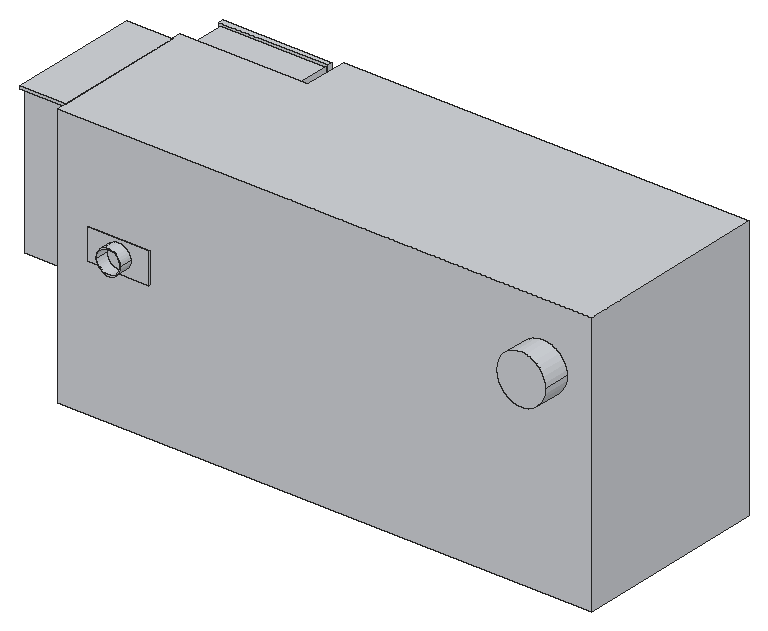
Revit family "MI-G-AD", category Mechanical Equipment, Revit 2018
Family settings
  Round Connector Dimension = Use Diameter
  Part Type = Normal
  OmniClass Number = 23.75.00.00
  OmniClass Title = Climate Control (HVAC)
  Work Plane-Based = No
  Always vertical = Yes
  Cut with Voids When Loaded = No
  Shared = No
  Room Calculation Point = No
Parameters (values of type "MI-G-AD-75")
  URL = "WWW.MIFAB.COM"
  Model = "MI-G-AD-75"
  Manufacturer = "MIFAB"
  Inlet Dia = 0' - 4"
  Grease Container Width = 0' - 10 1/2"
  Grease Container Height = 1' - 0"
  E Height = 1' - 9 1/2"
  Description = "AUTOMATIC RECOVERY GREASE INTERCEPTOR"
  C2 = 0' - 9"
  C1 = 0' - 5"
  Box1 Width = 0' - 8 1/2"
  Box1 Height = 1' - 4"
  B Width = 1' - 4"
  A Length = 3' - 7 1/2"
Types (8): name | Model | Inlet Dia | Grease Container Width | Grease Container Height | E Height | C2 | C1 | Box1 Width | Box1 Height | B Width | A Length
  (no name) | "MI-G-AD-75" | 0' - 4" | 0' - 10 1/2" | 1' - 0" | 1' - 9 1/2" | 0' - 9" | 0' - 5" | 0' - 8 1/2" | 1' - 4" | 1' - 4" | 3' - 7 1/2"
  MI-G-AD-15 | "MI-G-AD-15" | 0' - 2" | 0' - 8" | 0' - 8" | 1' - 1 1/2" | 0' - 9" | 0' - 4" | 0' - 4 1/4" | 0' - 10" | 1' - 2" | 2' - 0 1/2"
  MI-G-AD-20 | "MI-G-AD-20" | 0' - 2" | 0' - 8" | 0' - 8" | 1' - 1 1/2" | 0' - 7 1/2" | 0' - 4" | 0' - 4 1/4" | 0' - 10" | 1' - 2" | 2' - 0 1/2"
  MI-G-AD-25 | "MI-G-AD-25" | 0' - 3" | 0' - 8" | 0' - 8" | 1' - 5 241/256" | 0' - 6 177/256" | 1' - 3 3/4" | 0' - 4 1/4" | 0' - 10" | 2' - 9 225/256" | 2' - 2"
  MI-G-AD-35 | "MI-G-AD-35" | 0' - 3" | 0' - 10" | 0' - 10" | 1' - 4 1/2" | 0' - 6 1/4" | 0' - 8" | 0' - 6" | 1' - 0" | 1' - 4" | 2' - 10 1/2"
  MI-G-AD-50 | "MI-G-AD-50" | 0' - 3" | 0' - 10" | 0' - 10" | 1' - 5 1/2" | 0' - 8 1/2" | 0' - 5" | 0' - 7" | 1' - 0" | 1' - 4" | 3' - 3 1/2"
  MI-G-AD-75 | "MI-G-AD-75" | 0' - 4" | 0' - 10 1/2" | 1' - 0" | 1' - 9 1/2" | 0' - 9" | 0' - 5" | 0' - 8 1/2" | 1' - 4" | 1' - 4" | 3' - 7 1/2"
  MI-G-AD-100 | "MI-G-AD-100" | 0' - 4" | 1' - 3" | 1' - 3" | 2' - 0 1/2" | 0' - 9" | 0' - 4 1/2" | 1' - 0" | 1' - 8" | 1' - 9" | 5' - 0"
Reference planes (in)
  plane 1 "Center (Front/Back)": y = 0
  plane 2: z = 0
  plane 3 "Center (Left/Right)": x = 0
  plane 4: x = -21.75
  plane 5: x = 21.75
  plane 6: y = 8
  plane 7: y = -8
  plane 8: z = 21.5
  plane 9: x = -10.875
  plane 10: y = 4
  plane 11: z = 0.39453
  plane 12: z = 21.10547
  plane 13: z = 16.5
  plane 14: x = 17.75
  plane 15: z = 12.5
  plane 16: x = -16.75
  plane 17: y = -10.12408
  plane 18: y = 4.39453
  plane 19: y = -1.80273
  plane 20: x = -20.75
Forms (in)
  Extrusion 1, solid
    sketch origin (0, 0, 0) x (1, 0, 0) y (0, 1, 0)
      loop
        line (21.75, 8) -> (-11.26953, 8) -> (-11.26953, 4.39453) -> (-21.75, 4.39453) -> (-21.75, -8) -> (21.75, -8) -> (21.75, 8)
      loop
        line (21.35547, 7.60547) -> (-10.875, 7.60547) -> (-10.875, 4) -> (-21.35547, 4) -> (-21.35547, -7.60547) -> (21.35547, -7.60547) -> (21.35547, 7.60547)
    from 0 to 21.5
  Extrusion 2, solid
    sketch origin (0, 0, 0) x (1, 0, 0) y (0, 1, 0)
      loop
        line (-21.35547, 4) -> (-21.35547, -7.60547) -> (21.35547, -7.60547) -> (21.35547, 7.60547) -> (-10.875, 7.60547) -> (-10.875, 4) -> (-21.35547, 4)
    from 0 to 0.39453
  Extrusion 3, solid
    sketch origin (0, 0, 0) x (1, 0, 0) y (0, 1, 0)
      loop
        line (-10.875, 7.60547) -> (-10.875, 4) -> (-21.35547, 4) -> (-21.35547, -7.60547) -> (21.35547, -7.60547) -> (21.35547, 7.60547) -> (-10.875, 7.60547)
    from 21.10547 to 21.5
  Extrusion 4, solid
    sketch origin (0, 0, 0) x (1, 0, 0) y (0, 1, 0)
      loop
        line (2.93251, 7.60547) -> (2.93251, -7.60547) -> (3.32704, -7.60547) -> (3.32704, 7.60547) -> (2.93251, 7.60547)
    from 0.39453 to 21.10547
  Extrusion 5, solid
    sketch origin (0, 0, 0) x (1, 0, 0) y (0, 0, 1)
      loop
        circle (17.75, 16.5) r 2
    from 7.60547 to 10.12408
  Extrusion 6, solid
    sketch origin (0, 0, 0) x (1, 0, 0) y (0, 0, 1)
      loop
        circle (17.75, 16.5) r 1.99532
    from -7.60547 to 7.60547
Cuts and joins
  joined: Extrusion 1, Extrusion 2, Extrusion 3, Extrusion 5
Dimensions and locks (in)
  equal spacing: plane 4, plane 3 "Center (Left/Right)", plane 5
  "A Length": plane 4 to plane 5
  equal spacing: plane 7, plane 1 "Center (Front/Back)", plane 6
  "B Width": plane 7 to plane 6
  "E Height": plane 8 to level
  equal spacing: plane 4, plane 9, plane 3 "Center (Left/Right)"
  locked: Extrusion 1 sketch curve to plane 5 at 0.39453
  locked: Extrusion 1 sketch curve to plane 9 at 0.39453
  locked: plane 10 to plane 6 at 4
  locked: plane 10 to Extrusion 1 sketch curve at 0.39453
  locked: plane 7 to Extrusion 1 sketch curve at 0.39453
  locked: plane 11 to plane 2 at 0.39453
  locked: plane 8 to plane 12 at 0.39453
  plane 3 "Center (Left/Right)" to Extrusion 4 sketch curve to Extrusion 4 sketch curve = 0' - 2.93251" locked, 0' - 0 101/256" locked
  "C1": plane 8 to plane 13
  locked: plane 5 to plane 14 at 4
  locked: plane 16 to plane 4 at 5
  "C2": plane 8 to plane 15
  locked: plane 7 to plane 17 at 2.12408
  locked: cut or joined group of Extrusion 1, Extrusion 2, Extrusion 3, Extrusion 5 to plane 6 at 0.39453
  equal spacing: plane 7, plane 19, plane 18
  locked: plane 4 to plane 20 at 1
  "Inlet Dia": diameter of Extrusion 5 sketch curve
  aligned and locked: level to plane 2
  aligned and locked: plane 5 to Extrusion 1 sketch curve
  aligned and locked: plane 7 to Extrusion 1 sketch curve
  aligned and locked: Extrusion 1 sketch curve to plane 4
  aligned and locked: Extrusion 1 sketch curve to plane 6
  aligned and locked: Extrusion 1 sketch curve to plane 9
  aligned and locked: plane 10 to Extrusion 1 sketch curve
  aligned and locked: Extrusion 1 to plane 2
  aligned and locked: plane 8 to Extrusion 1
  aligned and locked: Extrusion 2 sketch curve to Extrusion 1  (x5)
  aligned and locked: Extrusion 2 to plane 2
  aligned and locked: plane 11 to Extrusion 2
  aligned and locked: Extrusion 3 sketch curve to cut or joined group of Extrusion 1, Extrusion 2, Extrusion 3, Extrusion 5  (x6)
  aligned and locked: plane 8 to Extrusion 3
  aligned and locked: Extrusion 3 to plane 12
  aligned and locked: cut or joined group of Extrusion 1, Extrusion 2, Extrusion 3, Extrusion 5 to Extrusion 4 sketch curve  (x2)
  aligned and locked: Extrusion 4 to cut or joined group of Extrusion 1, Extrusion 2, Extrusion 3, Extrusion 5
  aligned and locked: Extrusion 4 to plane 11
  aligned and locked: plane 13 to Extrusion 5 sketch curve
  aligned and locked: plane 14 to Extrusion 5 sketch curve
  aligned and locked: plane 15 to nested 1
  aligned and locked: plane 16 to nested 1
  aligned and locked: cut or joined group of Extrusion 1, Extrusion 2, Extrusion 3, Extrusion 5 to Extrusion 5
  aligned and locked: Extrusion 5 to plane 17
  aligned and locked: plane 13 to nested 2
  aligned and locked: plane 14 to nested 2
  aligned and locked: plane 12 to nested 3
  aligned and locked: plane 8 to nested 4
  aligned and locked: plane 13 to Extrusion 6 sketch curve
  aligned and locked: plane 14 to Extrusion 6 sketch curve
  aligned and locked: Extrusion 6 to cut or joined group of Extrusion 1, Extrusion 2, Extrusion 3, Extrusion 5  (x2)
  aligned and locked: plane 19 to nested 4
  aligned and locked: nested 3 to plane 20
  aligned and locked: plane 18 to cut or joined group of Extrusion 1, Extrusion 2, Extrusion 3, Extrusion 5
Automatic sketch dimensions
  plane 4 to Extrusion 1 sketch curve = 0' - 0 101/256"
  Extrusion 1 sketch curve to plane 6 = 0' - 0 101/256"
  Extrusion 2 sketch curve to Extrusion 2 sketch curve = 0' - 3 155/256"
  Extrusion 6 sketch curve to plane 14 = 0' - 1.99532"
Nested families (in)
  nested 1: "Outlet" at (-16.75, -8, 12.5) x (1, 0, 0) z (0, -1, 0), type "Outlet"
  nested 2: "Outlet-1" at (17.75, 8, 16.5) x (1, 0, 0) z (0, 1, 0), type "Outlet-1"
  nested 3: "Box-1" at (-16.5, 4.39453, 13.10547) x (-1, 0, 0) z (0, 1, 0), type "Box-1"
    with Box Width 0' - 8 1/2", Box Height 1' - 4"
  nested 4: "GREASE CONTAINER" at (-21.75, -1.80273, 15.30315) x (0, 1, 0) z (-1, 0, 0), type "GREASE CONTAINER"
    with Box Width 0' - 10 1/2", Box Height 1' - 0"
Connectors (in)
  piping at (17.75, -10.12408, 16.5), diameter 4, driven by "Inlet Dia"
    settings: on Extrusion 5, index 1, connector inside diameter 609.6 mm, connector length 0' - 0", flow factor 0, pipe flow 0.0 L/s, pressure drop 0.0 Pa, fitting loss kfactor 0, connector angle 0.00°, fixture units 0, engagement length 0' - 0", angle of deflection 0.00°, flow configuration 0, flow direction 0, fitting loss method 0, system type 7, joint type 0, gender type 0, connector reference index -1, connector utility 0, adjustable connector no, is connector primary yes, connector description ""
  piping at (-16.75, -9.11719, 12.5), diameter 2
    settings: on nested 1, index 2, connector inside diameter 609.6 mm, connector length 0' - 0", flow factor 0, pipe flow 0.0 L/s, pressure drop 0.0 Pa, fitting loss kfactor 0, connector angle 0.00°, fixture units 0, engagement length 0' - 0", angle of deflection 0.00°, flow configuration 0, flow direction 0, fitting loss method 0, system type 7, joint type 0, gender type 0, connector reference index -1, connector utility 0, adjustable connector no, is connector primary no, connector description ""
Definition of nested family "Outlet"
  Parameters (values of type "Outlet")
    Default Elevation = 4' - 0"
  Reference planes (in)
    plane 1 "Center (Front/Back)": y = 0
    plane 2: z = 0
    plane 3 "Center (Left/Right)": x = 0
    plane 4: z = 0.11719
    plane 5: z = 1.11719
  Forms (in)
    Extrusion 1, solid
      sketch origin (0, 0, 0) x (1, 0, 0) y (0, 1, 0)
        loop
          line (-48, 48) -> (-48, -48) -> (48, -48) -> (48, 48) -> (-48, 48)
      from 0 to -12
    Extrusion 2, solid
      sketch origin (0, 0, 0) x (1, 0, 0) y (0, 1, 0)
        loop
          line (-2.5, 1.25) -> (-2.5, -1.25) -> (2.5, -1.25) -> (2.5, 1.25) -> (-2.5, 1.25)
      from 0 to 0.11719
    Extrusion 3, solid
      sketch origin (0, 0, 0) x (1, 0, 0) y (0, 1, 0)
        loop
          circle (0, 0) r 1
        loop
          circle (0, 0) r 0.94891
      from 0.11719 to 1.11719
  Lines and regions (in)
    model lines
      curve 1: circle (0, 0, 0) r 1 normal (0, 0, 1)
      curve 2: line (-2.5, 1.25, 0) -> (2.5, 1.25, 0)
      curve 3: line (-2.5, -1.25, 0) -> (-2.5, 1.25, 0)
      curve 4: line (2.5, -1.25, 0) -> (-2.5, -1.25, 0)
      curve 5: line (2.5, 1.25, 0) -> (2.5, -1.25, 0)
  Dimensions and locks (in)
    locked: plane 5 to plane 2 at 1.11719
    aligned and locked: plane 2 to Extrusion 1
    aligned and locked: level to Extrusion 1
    aligned and locked: plane 4 to Extrusion 2
    aligned and locked: Extrusion 3 to Extrusion 2
    aligned and locked: plane 5 to Extrusion 3
Definition of nested family "Outlet-1"
  Parameters (values of type "Outlet-1")
    Default Elevation = 4' - 0"
  Reference planes (in)
    plane 1 "Center (Front/Back)": y = 0
    plane 2: z = 0
    plane 3 "Center (Left/Right)": x = 0
    plane 4: z = 0.11719
    plane 5: z = 1.11719
  Forms (in)
    Extrusion 1, solid
      sketch origin (0, 0, 0) x (1, 0, 0) y (0, 1, 0)
        loop
          line (-48, 48) -> (-48, -48) -> (48, -48) -> (48, 48) -> (-48, 48)
      from 0 to -12
    Revolve 2, solid
      sketch origin (0, 0, 0) x (1, 0, 0) y (0, 0, 1)
        loop
          line (0, 0) -> (2.40127, 0) -> (2.40127, 1.11719) -> (1.99532, 1.11719) -> (1.99532, 1.61719) -> (0, 1.61719) -> (0, 0)
        axis (0, 0) -> (0, 1.61719)
      angle from 0 to 360
  Lines and regions (in)
    model lines
      curve 1: circle (0, 0, 0) r 1 normal (0, 0, 1)
  Dimensions and locks (in)
    locked: plane 5 to plane 2 at 1.11719
    aligned and locked: plane 2 to Extrusion 1
    aligned and locked: level to Extrusion 1
    aligned and locked: Revolve 2 sketch curve to plane 3 "Center (Left/Right)"
Definition of nested family "Box-1"
  Parameters (values of type "Box-1")
    Default Elevation = 4' - 0"
    Box Width = 1' - 10.01837"
    Box Height = 3' - 5.74079"
  Reference planes (in)
    plane 1 "Center (Front/Back)": y = 0
    plane 2: z = 0
    plane 3 "Center (Left/Right)": x = 0
    plane 4: z = 0.11719
    plane 5: z = 3
    plane 6: x = -11.00919
    plane 7: x = 11.00919
    plane 8: y = 20.87039
    plane 9: y = -20.87039
    plane 10: z = 3.3937
  Forms (in)
    Extrusion 1, solid
      sketch origin (0, 0, 0) x (1, 0, 0) y (0, 1, 0)
        loop
          line (-48, 48) -> (-48, -48) -> (48, -48) -> (48, 48) -> (-48, 48)
      from 0 to -12
    Extrusion 2, solid
      sketch origin (0, 0, 0) x (1, 0, 0) y (0, 1, 0)
        loop
          line (-11.00919, 20.87039) -> (-11.00919, -20.87039) -> (11.00919, -20.87039) -> (11.00919, 20.87039) -> (-11.00919, 20.87039)
      from 0 to 3
    Extrusion 3, solid
      sketch origin (0, 0, 0) x (1, 0, 0) y (0, 1, 0)
        loop
          line (-11.2045, 21.06724) -> (-11.2045, -21.06571) -> (11.2045, -21.06571) -> (11.2045, 21.06724) -> (-11.2045, 21.06724)
      from 3 to 3.3937
  Dimensions and locks (in)
    plane 5 to plane 2 = 0' - 3"
    equal spacing: plane 6, plane 3 "Center (Left/Right)", plane 7
    equal spacing: plane 9, plane 1 "Center (Front/Back)", plane 8
    "Box Height": plane 9 to plane 8
    locked: Extrusion 3 sketch curve to plane 6 at 0.19531
    locked: plane 7 to Extrusion 3 sketch curve at 0.19531
    locked: Extrusion 3 sketch curve to plane 8 at 0.19685
    locked: Extrusion 3 sketch curve to plane 9 at 0.19531
    "Box Width": plane 6 to plane 7
    aligned and locked: plane 2 to Extrusion 1
    aligned and locked: level to Extrusion 1
    aligned and locked: Extrusion 2 sketch curve to plane 8
    aligned and locked: Extrusion 2 sketch curve to plane 6
    aligned and locked: plane 7 to Extrusion 2 sketch curve
    aligned and locked: Extrusion 2 sketch curve to plane 9
    aligned and locked: plane 5 to Extrusion 2
    aligned and locked: Extrusion 3 to plane 5
    aligned and locked: plane 10 to Extrusion 3
  Automatic sketch dimensions
    Extrusion 1 sketch curve to Extrusion 1 sketch curve = 8' - 0"  (x2)
Definition of nested family "GREASE CONTAINER"
  Parameters (values of type "GREASE CONTAINER")
    Default Elevation = 4' - 0"
    Box Width = 1' - 10.01837"
    Box Height = 3' - 5.74079"
  Reference planes (in)
    plane 1 "Center (Front/Back)": y = 0
    plane 2: z = 0
    plane 3 "Center (Left/Right)": x = 0
    plane 4: z = 0.11719
    plane 5: z = 3.5
    plane 6: x = -11.00919
    plane 7: x = 11.00919
    plane 8: y = 20.87039
    plane 9: y = -20.87039
    plane 10: y = -21.06724
  Forms (in)
    Extrusion 1, solid
      sketch origin (0, 0, 0) x (1, 0, 0) y (0, 1, 0)
        loop
          line (-48, 48) -> (-48, -48) -> (48, -48) -> (48, 48) -> (-48, 48)
      from 0 to -12
    Extrusion 2, solid
      sketch origin (0, 0, 0) x (1, 0, 0) y (0, 1, 0)
        loop
          line (-11.00919, 20.87039) -> (-11.00919, -20.87039) -> (11.00919, -20.87039) -> (11.00919, 20.87039) -> (-11.00919, 20.87039)
      from 0 to 3.5
    Extrusion 3, solid
      sketch origin (0, 0, 0) x (1, 0, 0) y (0, 0, 1)
        loop
          line (11.2045, 3.69531) -> (-11.2045, 3.69531) -> (-11.2045, 0) -> (11.2045, 0) -> (11.2045, 3.69531)
      from 21.06724 to 20.87039
  Dimensions and locks (in)
    plane 5 to plane 2 = 0' - 3 1/2"
    equal spacing: plane 6, plane 3 "Center (Left/Right)", plane 7
    equal spacing: plane 9, plane 1 "Center (Front/Back)", plane 8
    "Box Height": plane 9 to plane 8
    "Box Width": plane 6 to plane 7
    locked: plane 7 to Extrusion 3 sketch curve at 0.19531
    locked: plane 6 to Extrusion 3 sketch curve at 0.19531
    locked: plane 5 to Extrusion 3 sketch curve at 0.19531
    locked: plane 9 to plane 10 at 0.19685
    aligned and locked: plane 2 to Extrusion 1
    aligned and locked: level to Extrusion 1
    aligned and locked: Extrusion 2 sketch curve to plane 8
    aligned and locked: Extrusion 2 sketch curve to plane 6
    aligned and locked: plane 7 to Extrusion 2 sketch curve
    aligned and locked: Extrusion 2 sketch curve to plane 9
    aligned and locked: plane 5 to Extrusion 2
    aligned and locked: Extrusion 3 sketch curve to level
    aligned and locked: plane 9 to Extrusion 3
    aligned and locked: plane 10 to Extrusion 3
  Automatic sketch dimensions
    Extrusion 1 sketch curve to Extrusion 1 sketch curve = 8' - 0"  (x2)
